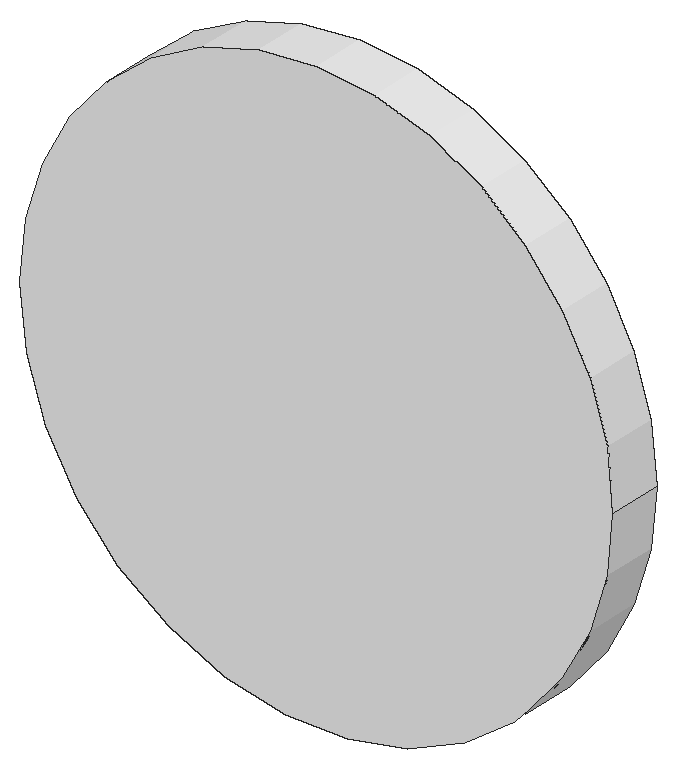
Revit family "Deca_Torneira de tanque com derivação para maquina_Torneira Uso Geral_1155.37", category Plumbing Fixtures, host Face, Revit 2019 (continued)
Lines and regions (mm)
  symbolic lines
    curve 430: line (10.392, 0, 80) -> (33, 0, 80)
    curve 431: line (-10.392, 0, 69) -> (-33, 0, 69)
    curve 432: line (-33, 0, 80) -> (-10.392, 0, 80)
    curve 433: line (-33, 0, 80) -> (-33, 0, 69)
    curve 434: arc (21.606, 0, 46.646) -> (22, 0, 42.5) -> (21.606, 0, 38.354) r 22
    curve 435: arc (21.606, 0, 38.354) -> (21.157, 0, 37.425) -> (20.306, 0, 36.844) r 2
    curve 436: arc (20.306, 0, 48.156) -> (21.157, 0, 47.575) -> (21.606, 0, 46.646) r 2
    curve 437: arc (19.907, 0, 46.32) -> (20.27, 0, 42.5) -> (19.907, 0, 38.68) r 20.27
    curve 438: line (19.907, 0, 46.32) -> (21.606, 0, 46.646)
    curve 439: line (19.907, 0, 38.68) -> (21.606, 0, 38.354)
    curve 440: arc (-21.606, 0, 38.354) -> (-22, 0, 42.5) -> (-21.606, 0, 46.646) r 22
    curve 441: arc (-19.907, 0, 38.68) -> (-20.27, 0, 42.5) -> (-19.907, 0, 46.32) r 20.27
    curve 442: line (-19.907, 0, 46.32) -> (-21.606, 0, 46.646)
    curve 443: arc (-21.606, 0, 46.646) -> (-21.157, 0, 47.574) -> (-20.307, 0, 48.156) r 2
    curve 444: arc (-20.307, 0, 36.844) -> (-21.157, 0, 37.426) -> (-21.606, 0, 38.354) r 2
    curve 445: line (-19.907, 0, 38.68) -> (-21.606, 0, 38.354)
    curve 446: line (-24.052, 0, 6.428) -> (24.052, 0, 6.428)
    curve 447: line (25, 0, 5.033) -> (-25, 0, 5.033)
    curve 448: line (25, 0, 0) -> (25, 0, 5.033)
    curve 449: line (24.052, 0, 6.428) -> (13.87, 0, 10.459)
    curve 450: arc (24.052, 0, 6.428) -> (24.741, 0, 5.876) -> (25, 0, 5.033) r 1.5
    curve 451: line (-13.87, 0, 10.459) -> (-24.052, 0, 6.428)
    curve 452: line (13.87, 0, 10.459) -> (-13.87, 0, 10.459)
    curve 453: line (-25, 0, 5.033) -> (-25, 0, 0)
    curve 454: arc (-25, 0, 5.033) -> (-24.741, 0, 5.876) -> (-24.052, 0, 6.428) r 1.5
    curve 455: line (25, 0, 0) -> (-25, 0, 0)
    curve 456: line (-12.159, 0, 0) -> (-12.159, 0, 5.033)
    curve 457: line (12.043, 0, 0) -> (12.043, 0, 5.033)
    curve 458: arc (12.043, 0, 5.033) -> (11.827, 0, 5.838) -> (11.238, 0, 6.428) r 1.61
    curve 459: arc (-12.159, 0, 5.033) -> (-12.064, 0, 5.755) -> (-11.785, 0, 6.428) r 2.789
    curve 460: line (11.238, 0, 6.428) -> (6.433, 0, 10.459)
    curve 461: line (-11.785, 0, 6.428) -> (-6.807, 0, 10.459)
    curve 462: line (-3.731, 0, 10.459) -> (-3.731, 0, 41.5)
    curve 463: line (3.731, 0, 10.459) -> (3.731, 0, 41.5)
    curve 464: line (-5.5, 0, 41.5) -> (-5.5, 0, 64.108)
    curve 465: line (-5.5, 0, 41.5) -> (5.5, 0, 41.5)
    curve 466: line (5.5, 0, 64.108) -> (5.5, 0, 41.5)
    curve 467: arc (11.401, 0, 74.661) -> (0, 0, 86.062) -> (-11.401, 0, 74.661) r 11.401
    curve 468: circle (0, 0, 74.5) r 10.5 normal (0, 1, 0)
    curve 469: circle (0, 0, 74.5) r 8.5 normal (0, 1, 0)
    curve 470: arc (-11.401, 0, 74.661) -> (0, 0, 63.26) -> (11.401, 0, 74.661) r 11.401
    curve 471: arc (12.055, 0, 69) -> (9.369, 0, 65.131) -> (5.5, 0, 62.445) r 13.25
    curve 472: arc (-5.5, 0, 62.445) -> (-9.369, 0, 65.131) -> (-12.055, 0, 69) r 13.25
    curve 473: arc (-12.055, 0, 80) -> (-9.369, 0, 83.869) -> (-5.5, 0, 86.555) r 13.25
    curve 474: arc (5.5, 0, 86.555) -> (9.369, 0, 83.869) -> (12.055, 0, 80) r 13.25
    curve 475: arc (-12.055, 0, 80) -> (-13.25, 0, 74.5) -> (-12.055, 0, 69) r 13.25
    curve 476: arc (12.055, 0, 80) -> (13.25, 0, 74.5) -> (12.055, 0, 69) r 13.25
    curve 477: arc (5.5, 0, 86.555) -> (0, 0, 87.75) -> (-5.5, 0, 86.555) r 13.25
    curve 478: arc (6.656, 0, 74.742) -> (0.174, 0, 81.225) -> (-6.309, 0, 74.742) r 6.483
    curve 479: arc (6.656, 0, 74.742) -> (0.174, 0, 68.259) -> (-6.309, 0, 74.742) r 6.483
    curve 480: spline (-13.06, 0, 112.279) -> (-12.488, 0, 115.332) -> (-11.12, 0, 118.153) -> (-9.045, 0, 120.563) -> (-6.393, 0, 122.408) -> (-3.335, 0, 123.571) -> (-0.064, 0, 123.977) -> (3.211, 0, 123.601) -> (6.281, 0, 122.466) -> (8.952, 0, 120.646) -> (11.052, 0, 118.255) -> (12.449, 0, 115.447) -> (13.053, 0, 112.399)
    curve 481: spline (-10.8, 0, 102.808) -> (-13.573, 0, 107.239) -> (-14.387, 0, 112.323) -> (-13.125, 0, 117.326) -> (-9.968, 0, 121.524) -> (-5.372, 0, 124.314) -> (0, 0, 125.29) -> (5.371, 0, 124.314) -> (9.968, 0, 121.525) -> (13.125, 0, 117.326) -> (14.387, 0, 112.323) -> (13.573, 0, 107.239) -> (10.8, 0, 102.808)
    curve 482: line (-4.335, 0, 126.261) -> (-4.335, 0, 129.374)
    curve 483: line (-3.425, 0, 126.491) -> (-3.425, 0, 129.603)
    curve 484: line (-2.921, 0, 127.132) -> (-2.921, 0, 130.125)
    curve 485: line (-1.119, 0, 127.354) -> (-1.119, 0, 130.348)
    curve 486: line (0.471, 0, 126.856) -> (0.471, 0, 129.968)
    curve 487: line (1.119, 0, 127.354) -> (1.119, 0, 130.348)
    curve 488: line (3.425, 0, 126.491) -> (3.425, 0, 129.603)
    curve 489: line (2.921, 0, 127.132) -> (2.921, 0, 130.125)
    curve 490: line (4.335, 0, 126.261) -> (4.335, 0, 129.374)
    curve 491: line (5.082, 0, 126.587) -> (5.082, 0, 129.58)
    curve 492: line (6.761, 0, 125.934) -> (6.761, 0, 128.927)
    curve 493: line (7.904, 0, 124.747) -> (7.904, 0, 127.86)
    curve 494: line (7.088, 0, 124.895) -> (7.088, 0, 128.456)
    curve 495: line (8.212, 0, 124.743) -> (8.212, 0, 127.855)
    curve 496: line (8.699, 0, 124.882) -> (8.699, 0, 127.876)
    curve 497: spline (-14.895, 0, 112.218) -> (-14.472, 0, 115.912) -> (-13.03, 0, 119.371) -> (-10.671, 0, 122.351) -> (-7.561, 0, 124.644) -> (-3.918, 0, 126.088) -> (0, 0, 126.581) -> (3.918, 0, 126.088) -> (7.561, 0, 124.644) -> (10.671, 0, 122.351) -> (13.03, 0, 119.371) -> (14.472, 0, 115.912) -> (14.895, 0, 112.218)
    curve 498: line (13.484, 0, 119.28) -> (13.484, 0, 122.392)
    curve 499: line (10.935, 0, 122.417) -> (10.935, 0, 125.529)
    curve 500: line (10.268, 0, 123.043) -> (10.268, 0, 126.155)
    curve 501: line (11.723, 0, 122.314) -> (11.723, 0, 125.392)
    curve 502: spline (15.222, 0, 118.565) -> (15.25, 0, 118.425) -> (15.277, 0, 118.285) -> (15.301, 0, 118.144) -> (15.325, 0, 118.003) -> (15.347, 0, 117.863) -> (15.367, 0, 117.721) -> (15.386, 0, 117.58) -> (15.404, 0, 117.439) -> (15.42, 0, 117.297) -> (15.435, 0, 117.155) -> (15.448, 0, 117.014) -> (15.46, 0, 116.872)
    curve 503: spline (13.948, 0, 118.916) -> (14.005, 0, 118.801) -> (14.061, 0, 118.685) -> (14.116, 0, 118.569) -> (14.169, 0, 118.452) -> (14.222, 0, 118.335) -> (14.274, 0, 118.217) -> (14.324, 0, 118.099) -> (14.374, 0, 117.981) -> (14.422, 0, 117.862) -> (14.469, 0, 117.743) -> (14.515, 0, 117.623) -> (14.56, 0, 117.503)
    curve 504: spline (13.948, 0, 122.174) -> (14.013, 0, 122.045) -> (14.077, 0, 121.916) -> (14.14, 0, 121.786) -> (14.201, 0, 121.656) -> (14.261, 0, 121.526) -> (14.32, 0, 121.394) -> (14.377, 0, 121.262) -> (14.433, 0, 121.13) -> (14.488, 0, 120.997) -> (14.541, 0, 120.864) -> (14.593, 0, 120.73) -> (14.643, 0, 120.596)
    curve 505: spline (11.723, 0, 125.392) -> (11.819, 0, 125.286) -> (11.914, 0, 125.18) -> (12.008, 0, 125.073) -> (12.101, 0, 124.964) -> (12.193, 0, 124.855) -> (12.284, 0, 124.746) -> (12.373, 0, 124.635) -> (12.462, 0, 124.524) -> (12.549, 0, 124.412) -> (12.636, 0, 124.299) -> (12.721, 0, 124.185) -> (12.805, 0, 124.07)
    curve 506: spline (8.699, 0, 127.876) -> (8.824, 0, 127.795) -> (8.948, 0, 127.714) -> (9.071, 0, 127.631) -> (9.194, 0, 127.547) -> (9.315, 0, 127.462) -> (9.436, 0, 127.376) -> (9.556, 0, 127.288) -> (9.674, 0, 127.2) -> (9.792, 0, 127.111) -> (9.909, 0, 127.02) -> (10.025, 0, 126.929) -> (10.14, 0, 126.836)
    curve 507: spline (5.082, 0, 129.58) -> (5.225, 0, 129.533) -> (5.367, 0, 129.484) -> (5.509, 0, 129.435) -> (5.65, 0, 129.383) -> (5.791, 0, 129.331) -> (5.932, 0, 129.277) -> (6.071, 0, 129.222) -> (6.21, 0, 129.165) -> (6.349, 0, 129.108) -> (6.487, 0, 129.049) -> (6.624, 0, 128.988) -> (6.761, 0, 128.927)
    curve 508: spline (1.119, 0, 130.348) -> (1.27, 0, 130.337) -> (1.421, 0, 130.324) -> (1.572, 0, 130.311) -> (1.722, 0, 130.295) -> (1.873, 0, 130.279) -> (2.023, 0, 130.261) -> (2.173, 0, 130.242) -> (2.323, 0, 130.221) -> (2.473, 0, 130.199) -> (2.622, 0, 130.176) -> (2.772, 0, 130.151) -> (2.921, 0, 130.125)
    curve 509: spline (-2.921, 0, 130.125) -> (-2.772, 0, 130.151) -> (-2.622, 0, 130.176) -> (-2.473, 0, 130.199) -> (-2.323, 0, 130.221) -> (-2.173, 0, 130.242) -> (-2.023, 0, 130.261) -> (-1.873, 0, 130.279) -> (-1.722, 0, 130.295) -> (-1.572, 0, 130.311) -> (-1.421, 0, 130.324) -> (-1.27, 0, 130.337) -> (-1.119, 0, 130.348)
    curve 510: spline (-6.761, 0, 128.927) -> (-6.624, 0, 128.988) -> (-6.487, 0, 129.049) -> (-6.349, 0, 129.108) -> (-6.21, 0, 129.165) -> (-6.071, 0, 129.222) -> (-5.932, 0, 129.277) -> (-5.791, 0, 129.331) -> (-5.65, 0, 129.383) -> (-5.509, 0, 129.435) -> (-5.367, 0, 129.484) -> (-5.225, 0, 129.533) -> (-5.082, 0, 129.58)
    curve 511: spline (-10.14, 0, 126.836) -> (-10.025, 0, 126.929) -> (-9.909, 0, 127.02) -> (-9.792, 0, 127.111) -> (-9.674, 0, 127.2) -> (-9.556, 0, 127.288) -> (-9.436, 0, 127.376) -> (-9.315, 0, 127.462) -> (-9.194, 0, 127.547) -> (-9.071, 0, 127.631) -> (-8.948, 0, 127.714) -> (-8.824, 0, 127.795) -> (-8.699, 0, 127.876)
    curve 512: spline (-12.829, 0, 123.994) -> (-12.743, 0, 124.112) -> (-12.656, 0, 124.229) -> (-12.568, 0, 124.344) -> (-12.479, 0, 124.459) -> (-12.389, 0, 124.574) -> (-12.297, 0, 124.687) -> (-12.204, 0, 124.8) -> (-12.11, 0, 124.911) -> (-12.015, 0, 125.022) -> (-11.919, 0, 125.132) -> (-11.821, 0, 125.241) -> (-11.723, 0, 125.349)
    curve 513: spline (-14.643, 0, 120.596) -> (-14.593, 0, 120.73) -> (-14.541, 0, 120.864) -> (-14.488, 0, 120.997) -> (-14.433, 0, 121.13) -> (-14.377, 0, 121.262) -> (-14.32, 0, 121.394) -> (-14.261, 0, 121.526) -> (-14.201, 0, 121.656) -> (-14.14, 0, 121.786) -> (-14.077, 0, 121.916) -> (-14.013, 0, 122.045) -> (-13.948, 0, 122.174)
    curve 514: spline (-15.46, 0, 116.872) -> (-15.448, 0, 117.014) -> (-15.435, 0, 117.155) -> (-15.42, 0, 117.297) -> (-15.404, 0, 117.439) -> (-15.386, 0, 117.58) -> (-15.367, 0, 117.721) -> (-15.347, 0, 117.863) -> (-15.325, 0, 118.003) -> (-15.301, 0, 118.144) -> (-15.277, 0, 118.285) -> (-15.25, 0, 118.425) -> (-15.222, 0, 118.565)
    curve 515: line (-15.31, 0, 112.04) -> (-15.361, 0, 113.635)
    curve 516: spline (-15.46, 0, 113.878) -> (-15.448, 0, 114.02) -> (-15.435, 0, 114.162) -> (-15.42, 0, 114.304) -> (-15.404, 0, 114.446) -> (-15.386, 0, 114.587) -> (-15.367, 0, 114.728) -> (-15.347, 0, 114.869) -> (-15.325, 0, 115.01) -> (-15.301, 0, 115.151) -> (-15.277, 0, 115.291) -> (-15.25, 0, 115.432) -> (-15.222, 0, 115.572)
    curve 517: spline (-15.136, 0, 110.026) -> (-15.164, 0, 110.165) -> (-15.19, 0, 110.304) -> (-15.215, 0, 110.444) -> (-15.238, 0, 110.584) -> (-15.26, 0, 110.724) -> (-15.28, 0, 110.864) -> (-15.299, 0, 111.005) -> (-15.317, 0, 111.145) -> (-15.333, 0, 111.286) -> (-15.347, 0, 111.427) -> (-15.36, 0, 111.568) -> (-15.372, 0, 111.709)
    curve 518: spline (-13.869, 0, 106.437) -> (-13.934, 0, 106.565) -> (-13.997, 0, 106.693) -> (-14.06, 0, 106.822) -> (-14.121, 0, 106.952) -> (-14.181, 0, 107.082) -> (-14.239, 0, 107.212) -> (-14.296, 0, 107.343) -> (-14.352, 0, 107.475) -> (-14.406, 0, 107.607) -> (-14.459, 0, 107.74) -> (-14.51, 0, 107.873) -> (-14.56, 0, 108.006)
    curve 519: spline (-10.854, 0, 102.265) -> (-13.907, 0, 106.831) -> (-14.897, 0, 112.143) -> (-13.677, 0, 117.413) -> (-10.428, 0, 121.858) -> (-5.632, 0, 124.82) -> (0, 0, 125.859) -> (5.632, 0, 124.82) -> (10.428, 0, 121.858) -> (13.677, 0, 117.413) -> (14.897, 0, 112.143) -> (13.907, 0, 106.831) -> (10.854, 0, 102.265)
    curve 520: spline (15.372, 0, 111.709) -> (15.36, 0, 111.568) -> (15.347, 0, 111.427) -> (15.333, 0, 111.286) -> (15.317, 0, 111.145) -> (15.299, 0, 111.005) -> (15.28, 0, 110.864) -> (15.26, 0, 110.724) -> (15.238, 0, 110.584) -> (15.215, 0, 110.444) -> (15.19, 0, 110.304) -> (15.164, 0, 110.165) -> (15.136, 0, 110.026)
    curve 521: line (15.222, 0, 115.572) -> (15.222, 0, 118.565)
    curve 522: spline (15.136, 0, 115.483) -> (15.164, 0, 115.344) -> (15.19, 0, 115.205) -> (15.215, 0, 115.065) -> (15.238, 0, 114.925) -> (15.26, 0, 114.785) -> (15.28, 0, 114.645) -> (15.299, 0, 114.505) -> (15.317, 0, 114.364) -> (15.333, 0, 114.223) -> (15.347, 0, 114.082) -> (15.36, 0, 113.941) -> (15.372, 0, 113.8)
    curve 523: line (13.22, 0, 119.428) -> (13.22, 0, 122.695)
    curve 524: spline (11.723, 0, 122.314) -> (11.821, 0, 122.205) -> (11.919, 0, 122.096) -> (12.015, 0, 121.986) -> (12.11, 0, 121.876) -> (12.204, 0, 121.764) -> (12.297, 0, 121.651) -> (12.389, 0, 121.538) -> (12.479, 0, 121.424) -> (12.568, 0, 121.309) -> (12.656, 0, 121.193) -> (12.743, 0, 121.076) -> (12.829, 0, 120.959)
    curve 525: line (13.948, 0, 118.916) -> (13.948, 0, 122.174)
    curve 526: spline (12.87, 0, 123.274) -> (12.9, 0, 123.226) -> (12.93, 0, 123.178) -> (12.96, 0, 123.13) -> (12.99, 0, 123.082) -> (13.019, 0, 123.034) -> (13.049, 0, 122.986) -> (13.078, 0, 122.938) -> (13.106, 0, 122.889) -> (13.135, 0, 122.841) -> (13.163, 0, 122.792) -> (13.192, 0, 122.743) -> (13.22, 0, 122.695)
    curve 527: spline (8.649, 0, 124.742) -> (8.774, 0, 124.662) -> (8.897, 0, 124.58) -> (9.02, 0, 124.498) -> (9.141, 0, 124.415) -> (9.262, 0, 124.33) -> (9.382, 0, 124.244) -> (9.501, 0, 124.158) -> (9.62, 0, 124.07) -> (9.737, 0, 123.981) -> (9.853, 0, 123.891) -> (9.969, 0, 123.8) -> (10.083, 0, 123.708)
    curve 528: spline (5.053, 0, 126.437) -> (5.212, 0, 126.384) -> (5.37, 0, 126.33) -> (5.528, 0, 126.274) -> (5.685, 0, 126.216) -> (5.841, 0, 126.157) -> (5.996, 0, 126.096) -> (6.151, 0, 126.034) -> (6.305, 0, 125.97) -> (6.459, 0, 125.904) -> (6.611, 0, 125.837) -> (6.763, 0, 125.768) -> (6.914, 0, 125.698)
    curve 529: spline (1.112, 0, 127.2) -> (1.263, 0, 127.189) -> (1.413, 0, 127.176) -> (1.563, 0, 127.163) -> (1.713, 0, 127.148) -> (1.862, 0, 127.131) -> (2.012, 0, 127.113) -> (2.161, 0, 127.094) -> (2.31, 0, 127.074) -> (2.459, 0, 127.052) -> (2.608, 0, 127.028) -> (2.756, 0, 127.004) -> (2.904, 0, 126.978)
    curve 530: spline (-2.904, 0, 126.978) -> (-2.756, 0, 127.004) -> (-2.608, 0, 127.028) -> (-2.459, 0, 127.052) -> (-2.31, 0, 127.074) -> (-2.161, 0, 127.094) -> (-2.012, 0, 127.113) -> (-1.862, 0, 127.131) -> (-1.713, 0, 127.148) -> (-1.563, 0, 127.163) -> (-1.413, 0, 127.176) -> (-1.263, 0, 127.189) -> (-1.112, 0, 127.2)
    curve 531: line (-0.471, 0, 126.856) -> (-0.471, 0, 129.968)
    curve 532: line (-5.082, 0, 126.587) -> (-5.082, 0, 129.58)
    curve 533: line (-7.088, 0, 125.19) -> (-7.088, 0, 128.302)
    curve 534: line (-8.212, 0, 124.743) -> (-8.212, 0, 127.855)
    curve 535: line (-10.268, 0, 123.043) -> (-10.268, 0, 126.155)
    curve 536: line (-10.935, 0, 122.417) -> (-10.935, 0, 125.683)
    curve 537: line (-11.723, 0, 122.356) -> (-11.723, 0, 125.349)
    curve 538: spline (-12.756, 0, 120.882) -> (-12.671, 0, 120.999) -> (-12.585, 0, 121.115) -> (-12.497, 0, 121.23) -> (-12.408, 0, 121.345) -> (-12.318, 0, 121.458) -> (-12.227, 0, 121.571) -> (-12.135, 0, 121.683) -> (-12.041, 0, 121.794) -> (-11.947, 0, 121.904) -> (-11.851, 0, 122.014) -> (-11.754, 0, 122.122) -> (-11.656, 0, 122.23)
    curve 539: line (-7.904, 0, 124.747) -> (-7.904, 0, 127.86)
    curve 540: spline (-6.723, 0, 125.787) -> (-6.587, 0, 125.848) -> (-6.45, 0, 125.908) -> (-6.313, 0, 125.967) -> (-6.175, 0, 126.024) -> (-6.037, 0, 126.08) -> (-5.898, 0, 126.135) -> (-5.758, 0, 126.188) -> (-5.618, 0, 126.241) -> (-5.478, 0, 126.292) -> (-5.337, 0, 126.341) -> (-5.195, 0, 126.39) -> (-5.053, 0, 126.437)
    curve 541: line (-12.829, 0, 121.001) -> (-12.829, 0, 123.994)
    curve 542: line (-13.22, 0, 119.428) -> (-13.22, 0, 122.541)
    curve 543: line (-13.948, 0, 119.18) -> (-13.948, 0, 122.174)
    curve 544: line (-14.643, 0, 117.603) -> (-14.643, 0, 120.596)
    curve 545: line (-14.604, 0, 115.986) -> (-14.604, 0, 117.384)
    curve 546: spline (-14.604, 0, 117.384) -> (-14.551, 0, 117.527) -> (-14.497, 0, 117.671) -> (-14.441, 0, 117.814) -> (-14.384, 0, 117.956) -> (-14.325, 0, 118.098) -> (-14.265, 0, 118.239) -> (-14.202, 0, 118.379) -> (-14.139, 0, 118.519) -> (-14.074, 0, 118.658) -> (-14.007, 0, 118.797) -> (-13.939, 0, 118.935) -> (-13.869, 0, 119.072)
    curve 547: spline (10.244, 0, 126.33) -> (10.313, 0, 126.269) -> (10.381, 0, 126.208) -> (10.449, 0, 126.147) -> (10.516, 0, 126.085) -> (10.583, 0, 126.023) -> (10.65, 0, 125.96) -> (10.716, 0, 125.897) -> (10.781, 0, 125.834) -> (10.847, 0, 125.77) -> (10.911, 0, 125.706) -> (10.976, 0, 125.641) -> (11.04, 0, 125.576)
    curve 548: spline (11.751, 0, 125.361) -> (11.844, 0, 125.258) -> (11.937, 0, 125.154) -> (12.029, 0, 125.049) -> (12.119, 0, 124.943) -> (12.209, 0, 124.837) -> (12.297, 0, 124.73) -> (12.384, 0, 124.622) -> (12.471, 0, 124.513) -> (12.556, 0, 124.403) -> (12.64, 0, 124.293) -> (12.723, 0, 124.182) -> (12.805, 0, 124.07)
    curve 549: line (12.881, 0, 123.859) -> (12.829, 0, 120.959)
    curve 550: line (14.643, 0, 117.603) -> (14.643, 0, 120.596)
    curve 551: line (15.31, 0, 112.04) -> (15.361, 0, 113.635)
    curve 552: line (-10.268, 0, 123.043) -> (-10.268, 0, 126.155)
    curve 553: spline (-10.083, 0, 123.708) -> (-9.969, 0, 123.8) -> (-9.853, 0, 123.891) -> (-9.737, 0, 123.981) -> (-9.62, 0, 124.07) -> (-9.501, 0, 124.158) -> (-9.382, 0, 124.244) -> (-9.262, 0, 124.33) -> (-9.141, 0, 124.415) -> (-9.02, 0, 124.498) -> (-8.897, 0, 124.58) -> (-8.774, 0, 124.662) -> (-8.649, 0, 124.742)
    curve 554: spline (-0.626, 0, 130.117) -> (-0.521, 0, 130.121) -> (-0.417, 0, 130.124) -> (-0.313, 0, 130.126) -> (-0.209, 0, 130.128) -> (-0.104, 0, 130.129) -> (0, 0, 130.129) -> (0.104, 0, 130.129) -> (0.209, 0, 130.128) -> (0.313, 0, 130.126) -> (0.417, 0, 130.124) -> (0.521, 0, 130.121) -> (0.626, 0, 130.117)
    curve 555: spline (3.275, 0, 129.789) -> (3.376, 0, 129.768) -> (3.478, 0, 129.745) -> (3.579, 0, 129.722) -> (3.68, 0, 129.698) -> (3.781, 0, 129.674) -> (3.882, 0, 129.649) -> (3.983, 0, 129.623) -> (4.083, 0, 129.597) -> (4.184, 0, 129.57) -> (4.284, 0, 129.542) -> (4.384, 0, 129.514) -> (4.483, 0, 129.485)
    curve 556: spline (7.088, 0, 128.456) -> (7.169, 0, 128.415) -> (7.249, 0, 128.374) -> (7.329, 0, 128.332) -> (7.408, 0, 128.29) -> (7.488, 0, 128.247) -> (7.567, 0, 128.204) -> (7.646, 0, 128.161) -> (7.724, 0, 128.117) -> (7.802, 0, 128.072) -> (7.88, 0, 128.027) -> (7.958, 0, 127.982) -> (8.035, 0, 127.936)
    curve 557: spline (-11.04, 0, 125.576) -> (-10.976, 0, 125.641) -> (-10.911, 0, 125.706) -> (-10.847, 0, 125.77) -> (-10.781, 0, 125.834) -> (-10.716, 0, 125.897) -> (-10.65, 0, 125.96) -> (-10.583, 0, 126.023) -> (-10.516, 0, 126.085) -> (-10.449, 0, 126.147) -> (-10.381, 0, 126.208) -> (-10.313, 0, 126.269) -> (-10.244, 0, 126.33)
    curve 558: line (-15.46, 0, 113.878) -> (-15.46, 0, 116.872)
    curve 559: arc (10.854, 0, 102.265) -> (11.611, 0, 91.141) -> (12.055, 0, 80) r 394.876
    curve 560: arc (-10.854, 0, 102.265) -> (-11.733, 0, 91.147) -> (-12.055, 0, 80) r 222.791
    curve 561: arc (11.344, 0, 81.346) -> (8.159, 0, 90.033) -> (0, 0, 94.396) r 12.99
    curve 562: arc (0, 0, 94.396) -> (-8.135, 0, 90.07) -> (-11.514, 0, 81.498) r 13.318
    curve 563: line (5.5, 0, 107.5) -> (5.5, 0, 84.892)
    curve 564: line (-5.5, 0, 84.892) -> (-5.5, 0, 107.5)
    curve 565: line (0, 0, 87.75) -> (0, 0, 97.75)
    curve 566: line (-3.619, 0, 97.75) -> (-3.619, 0, 93.366)
    curve 567: line (3.571, 0, 98.219) -> (3.571, 0, 93.408)
    curve 568: arc (3.571, 0, 93.408) -> (3.14, 0, 90.334) -> (3.571, 0, 87.26) r 11.168
    curve 569: arc (-3.619, 0, 93.366) -> (-3.263, 0, 90.306) -> (-3.619, 0, 87.246) r 13.327
    curve 570: arc (10.8, 0, 102.808) -> (-0.04, 0, 97.75) -> (-10.88, 0, 102.808) r 14.145
    curve 571: arc (13.053, 0, 112.399) -> (0.057, 0, 99.342) -> (-13.06, 0, 112.279) r 13.057
    curve 572: arc (12.759, 0, 104.626) -> (15.986, 0, 114.626) -> (12.759, 0, 124.626) r 17.107
    curve 573: arc (12.759, 0, 124.626) -> (2.713, 0, 130.763) -> (-8.699, 0, 127.876) r 15.183
    curve 574: arc (-10.14, 0, 126.836) -> (-15.764, 0, 118.222) -> (-14.56, 0, 108.006) r 15.088
    curve 575: arc (8.229, 0, 121.427) -> (-0.056, 0, 107.5) -> (-8.342, 0, 121.427) r 9.428
    curve 576: arc (7.454, 0, 115.986) -> (-0.046, 0, 100.862) -> (-7.546, 0, 115.986) r 9.422
    curve 577: arc (9.03, 0, 112.81) -> (10.118, 0, 108.777) -> (10.481, 0, 104.617) r 23.679
    curve 578: arc (-8.871, 0, 113.584) -> (-10.184, 0, 109.497) -> (-10.944, 0, 105.272) r 32.329
    curve 579: arc (6.41, 0, 119.428) -> (-0.097, 0, 109.299) -> (-6.604, 0, 119.428) r 7.155
    curve 580: arc (6.41, 0, 119.428) -> (-0.097, 0, 122.541) -> (-6.604, 0, 119.428) r 8.357
    curve 581: arc (5.146, 0, 120.692) -> (-0.097, 0, 117.602) -> (-5.341, 0, 120.692) r 5.994
    curve 582: arc (6.41, 0, 119.428) -> (-0.097, 0, 115.986) -> (-6.604, 0, 119.428) r 7.871
    curve 583: arc (6.94, 0, 117.746) -> (-0.097, 0, 114.769) -> (-7.134, 0, 117.746) r 9.806
    curve 584: arc (6.94, 0, 117.746) -> (-0.007, 0, 113.591) -> (-7.202, 0, 117.299) r 8.328
    curve 585: arc (7.043, 0, 116.917) -> (-0.097, 0, 111.917) -> (-7.237, 0, 116.917) r 7.598
    curve 586: arc (6.631, 0, 115.986) -> (-0.303, 0, 110.672) -> (-7.237, 0, 115.986) r 7.181
    curve 587: line (3.561, 0, 108.221) -> (3.561, 0, 119.18)
    curve 588: arc (3.561, 0, 119.18) -> (3.237, 0, 120.439) -> (3.561, 0, 121.698) r 2.606
    curve 589: line (3.561, 0, 108.221) -> (3.561, 0, 102.102)
    curve 590: line (-0.046, 0, 100.862) -> (-0.046, 0, 122.541)
    curve 591: line (-3.505, 0, 108.153) -> (-3.505, 0, 118.665)
    curve 592: arc (-3.505, 0, 118.665) -> (-2.992, 0, 120.24) -> (-3.505, 0, 121.815) r 2.672
    curve 593: arc (3.561, 0, 119.18) -> (0.008, 0, 120.114) -> (-3.545, 0, 119.18) r 7.225
    curve 594: line (5.5, 0, 107.5) -> (-5.5, 0, 107.5)
    curve 595: line (-3.505, 0, 108.153) -> (-3.505, 0, 101.52)
    curve 596: line (12.055, 0, 69) -> (12.055, 0, 10.459)
    curve 597: line (-12.055, 0, 69) -> (-12.055, 0, 10.459)
    curve 598: line (0, 0, 87.75) -> (0, 0, 10.459)
    curve 599: arc (20.306, 0, 48.156) -> (14.504, 0, 51.137) -> (9.718, 0, 55.569) r 24.017
    curve 600: arc (9.718, 0, 55.569) -> (7.499, 0, 58.951) -> (6.045, 0, 62.725) r 19.006
    curve 601: arc (20.306, 0, 36.844) -> (15.959, 0, 34.845) -> (12.055, 0, 32.08) r 25.875
    curve 602: arc (12.055, 0, 32.08) -> (8.432, 0, 26.901) -> (5.365, 0, 21.375) r 61.008
    curve 603: arc (-20.307, 0, 36.844) -> (-14.604, 0, 33.912) -> (-9.898, 0, 29.556) r 23.657
    curve 604: arc (-9.898, 0, 29.556) -> (-7.694, 0, 26.433) -> (-5.971, 0, 23.021) r 26.029
    curve 605: arc (-5.971, 0, 23.021) -> (-5.315, 0, 21.437) -> (-3.731, 0, 20.781) r 2.24
    curve 606: arc (5.365, 0, 21.375) -> (4.683, 0, 20.705) -> (3.731, 0, 20.613) r 1.434
    curve 607: arc (-3.731, 0, 20.781) -> (0.141, 0, 20.202) -> (4.038, 0, 20.571) r 16.139
    curve 608: arc (-20.307, 0, 48.156) -> (-15.845, 0, 50.375) -> (-12.055, 0, 53.611) r 20.379
    curve 609: arc (-12.055, 0, 53.611) -> (-8.549, 0, 57.859) -> (-5.5, 0, 62.445) r 53.386
    curve 610: circle (0, 0, 42.701) r 10 normal (0, -1, 0)
    curve 611: circle (0, 0, 42.809) r 13.919 normal (0, -1, 0)
    curve 612: circle (0, 0, 42.593) r 11.405 normal (0, -1, 0)
    curve 613: circle (0, 0, 42.377) r 12.687 normal (0, -1, 0)
    curve 614: arc (19.907, 0, 38.68) -> (10.112, 0, 32.299) -> (3.731, 0, 22.504) r 28.306
    curve 615: arc (19.907, 0, 46.32) -> (9.373, 0, 53.04) -> (2.654, 0, 63.573) r 28.939
    curve 616: arc (-19.907, 0, 46.32) -> (-9.412, 0, 53.079) -> (-2.654, 0, 63.573) r 29.488
    curve 617: arc (-19.907, 0, 38.68) -> (-10.068, 0, 32.343) -> (-3.731, 0, 22.504) r 27.654
    curve 618: arc (-19.907, 0, 46.32) -> (-20.218, 0, 47.2) -> (-20.509, 0, 48.087) r 42.203
    curve 619: arc (-19.907, 0, 38.68) -> (-20.309, 0, 37.831) -> (-20.511, 0, 36.914) r 4.164
    curve 620: arc (19.907, 0, 46.32) -> (20.246, 0, 47.19) -> (20.511, 0, 48.086) r 11.071
    curve 621: arc (19.992, 0, 39.155) -> (20.005, 0, 37.952) -> (20.717, 0, 36.981) r 1.964
    curve 622: arc (3.731, 0, 22.504) -> (0, 0, 20.893) -> (-3.731, 0, 22.504) r 5.127
    curve 623: line (3.731, 0, 41.5) -> (3.731, 0, 51.979)
    curve 624: line (-3.731, 0, 41.5) -> (-3.731, 0, 51.979)
    curve 625: line (7.487, 0, 70.476) -> (-7.487, 0, 78.524)
    curve 626: arc (11.732, 0, 68.342) -> (10.653, 0, 61.728) -> (6.357, 0, 56.585) r 12.697
    curve 627: arc (-11.405, 0, 67.755) -> (-9.892, 0, 60.976) -> (-5.5, 0, 55.596) r 15.074
    curve 628: arc (3.287, 0, 61.988) -> (2.705, 0, 59.162) -> (3.287, 0, 56.335) r 7.158
    curve 629: arc (-3.432, 0, 61.698) -> (-2.806, 0, 58.998) -> (-3.432, 0, 56.299) r 6.134
    curve 630: line (25, 0, 0) -> (25, 0, 5.033)
Dimensions and locks
  aligned and locked: plane 2 to host face
  aligned and locked: level to host face
Connectors
  piping at (0, 13.876, 0), diameter 15, driven by "Raio Água Fria"
    settings: on free form element, index 1, connector inside diameter 609.6 mm, connector length 0 mm, flow factor 0, pipe flow 0.0 L/s, pressure drop 0.0 Pa, fitting loss kfactor 0, connector angle 0.00°, fixture units 0, engagement length 0 mm, angle of deflection 0.00°, flow configuration 3, flow direction 1, fitting loss method 4, system type 20, joint type 0, gender type 0, connector reference index -1, connector utility 0, adjustable connector no, is connector primary yes, connector description ""
